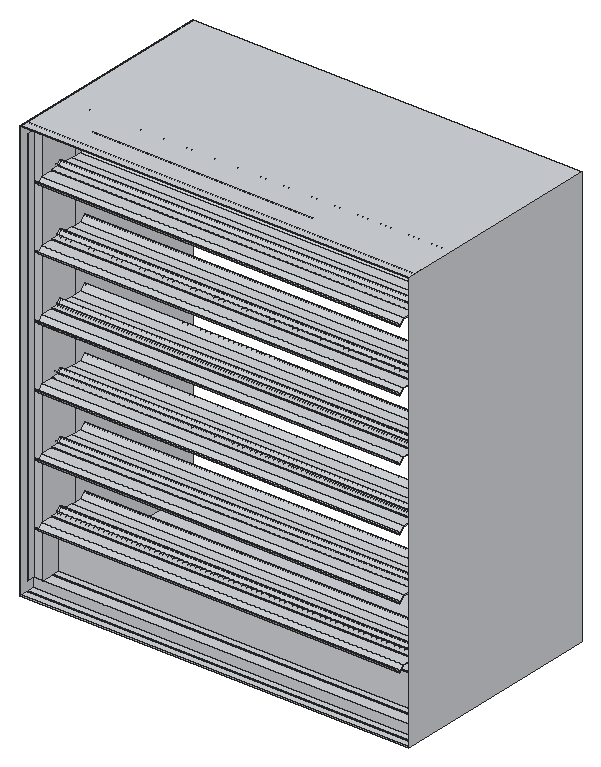
Revit family "FS-3V-OW-I, FS-3V-OW-II", category Mechanical Equipment, Revit 2015
Parameters
  URL = "https://unitedenertech.com/catalog/pdf/P-48%20%20%20FS-3V-OW-I.pdf-color.pdf"
  Type Comments = "Max. Single Section Size is 36\"w x 48\"h, Max. Multi Section Size is 42\"w x 48\"h"
  Model = "F/S-3V-OW-I, F/S-3V-OW-II"
  Manufacturer = "United Enertech Corporation"
  Keynote = "FSLF-120 Actuator Shown In the Air Stream, Consult Factory for Out of the Air Stream Placement in Models. See Website for Correct Actuator for Damper Size."
  Exact Width = 3' - 0"
  Exact Height = 3' - 3"
  Description = "Outside Wall Combination Fire/Smoke Damper"
  Depth = 1' - 8"
  Blade Spacing = 0' - 5 3/4"
  Blade Number [instance] = rounddown((Exact Height - 0' 3") / Blade Spacing)  # 6
  BW [instance] = Exact Width - 0' 2 1/2"  # 2' - 9 1/2"
Reference planes (in)
  plane 1 "Center (Front/Back)": y = 0
  plane 2: z = 0
  plane 3 "Center (Left/Right)": x = 0
  plane 4: z = 39
  plane 5: x = -18
  plane 6: x = 18
  plane 7: z = 0.0359
  plane 8: z = 38.9641
  plane 9: x = -17.9641
  plane 10: x = 17.9641
  plane 11: y = 19.25
  plane 12: y = 5
  plane 13: z = 0.9348
  plane 14: z = 38.0293
  plane 15: x = -17.0293
  plane 16: x = 17.0293
  plane 17: z = 35.27732
  plane 18: y = 4.3098
  plane 19: z = 37.5
  plane 20: z = 26.4428
  plane 21: z = 35.24218
  plane 22: z = 34.78895
  plane 23: z = 35.97045
  plane 24: y = -0.75
Forms (in)
  Extrusion 1, solid
    sketch origin (0, 0, 0) x (1, 0, 0) y (0, 0, 1)
      loop
        line (-17.9641, 38.9641) -> (-17.9641, 0.0359) -> (17.9641, 0.0359) -> (17.9641, 38.9641) -> (-17.9641, 38.9641)
      loop
        line (-18, 39) -> (-18, 0) -> (18, 0) -> (18, 39) -> (-18, 39)
    from -19.25 to 0.75
  Extrusion 2, solid
    sketch origin (23.93472, -8.11588, 0) x (1, 0, 0) y (0, 1, 0)
      loop
        line (-41.83902, 8.11588) -> (-41.83902, 8.17568) -> (-41.83902, 8.80608) -> (-40.96402, 8.80608) -> (-40.96402, 12.42568) -> (-41.83902, 12.42568) -> (-41.83902, 13.05608) -> (-41.83902, 13.11588) -> (-41.89882, 13.11588) -> (-41.89882, 12.36588) -> (-41.02382, 12.36588) -> (-41.02382, 8.86588) -> (-41.89882, 8.86588) -> (-41.89882, 8.11588) -> (-41.83902, 8.11588)
    from 0.9348 to 38.0293
  Extrusion 3, solid
    sketch origin (31.96104, -8.11588, 36.89882) x (0, 0, 1) y (0, 1, 0)
      loop
        line (-36.83902, 8.17568) -> (-36.83902, 8.80608) -> (-35.96402, 8.80608) -> (-35.96402, 12.42568) -> (-36.83902, 12.42568) -> (-36.83902, 13.05608) -> (-36.83902, 13.11588) -> (-36.89882, 13.11588) -> (-36.89882, 12.36588) -> (-36.02382, 12.36588) -> (-36.02382, 8.86588) -> (-36.89882, 8.86588) -> (-36.89882, 8.11588) -> (-36.83902, 8.11588) -> (-36.83902, 8.17568)
    from 13.99694 to 49.92514
  Extrusion 4, solid
    sketch origin (26.89178, -38.52709, 32.33205) x (0, -1, 0) y (0, 0, -1)
      loop
        line (-41.02709, -5.19725) -> (-41.02709, -5.69725) -> (-40.27709, -5.69725) -> (-40.27709, -5.61625) -> (-40.94609, -5.61625) -> (-40.94609, -5.19725) -> (-41.02709, -5.19725)
    from -43.92108 to -9.86248
  Extrusion 5, solid
    sketch origin (62.39247, 5.64851, 0.33329) x (0, 1, 0) y (0, 0, 1)
      loop
        line (-3.14851, 3.60151) -> (-3.22663, 3.60151) -> (-3.22663, 0.67964) -> (-3.89851, 0.67964) -> (-3.89851, 0.60151) -> (-3.14851, 0.60151) -> (-3.14851, 3.60151)
    from -79.42177 to -45.36317
  Extrusion 6, solid
    sketch origin (-23.93472, -8.11588, 0) x (-1, 0, 0) y (0, -1, 0)
      loop
        line (-41.83902, -8.11588) -> (-41.89882, -8.11588) -> (-41.89882, -8.86588) -> (-41.02382, -8.86588) -> (-41.02382, -12.36588) -> (-41.89882, -12.36588) -> (-41.89882, -13.11588) -> (-41.83902, -13.11588) -> (-41.83902, -13.05608) -> (-41.83902, -12.42568) -> (-40.96402, -12.42568) -> (-40.96402, -8.80608) -> (-41.83902, -8.80608) -> (-41.83902, -8.17568) -> (-41.83902, -8.11588)
    from 0.9348 to 38.0293
  Extrusion 7, solid
    sketch origin (31.96104, -8.11588, 11.06528) x (0, 0, -1) y (0, -1, 0)
      loop
        line (-27.83902, -8.17568) -> (-27.83902, -8.11588) -> (-27.89882, -8.11588) -> (-27.89882, -8.86588) -> (-27.02382, -8.86588) -> (-27.02382, -12.36588) -> (-27.89882, -12.36588) -> (-27.89882, -13.11588) -> (-27.83902, -13.11588) -> (-27.83902, -13.05608) -> (-27.83902, -12.42568) -> (-26.96402, -12.42568) -> (-26.96402, -8.80608) -> (-27.83902, -8.80608) -> (-27.83902, -8.17568)
    from 13.99694 to 49.92514
  Extrusion 8, solid
    sketch origin (0, 0, 0) x (0, 1, 0) y (0, 0, 1)
      loop
        line (7.9528, 35.24218) -> (7.6668, 35.24218)
        arc (7.6668, 35.24218) -> (7.8098, 34.71875) -> (7.9528, 35.24218) r 0.28125
    from -17.9641 to 17.9641
Dimensions and locks (in)
  "Exact Height": plane 4 to level
  equal spacing: plane 5, plane 3 "Center (Left/Right)", plane 6
  "Exact Width": plane 5 to plane 6
  locked: plane 7 to level at 0.0359
  locked: plane 4 to plane 8 at 0.0359
  locked: plane 5 to plane 9 at 0.0359
  locked: plane 10 to plane 6 at 0.0359
  locked: plane 1 "Center (Front/Back)" to plane 12 at 5
  locked: plane 13 to level at 0.9348
  locked: plane 8 to plane 14 at 0.9348
  locked: plane 15 to plane 9 at 0.9348
  locked: plane 10 to plane 16 at 0.9348
  locked: plane 4 to plane 17 at 3.72268
  locked: plane 12 to plane 18 at 0.6902
  locked: plane 4 to plane 19 at 1.5
  locked: plane 4 to plane 20 at 12.5572
  locked: plane 4 to plane 21 at 3.75782
  locked: plane 4 to plane 22 at 4.21105
  equal spacing: group 2, group 3, group 4, group 5, group 6, group 7  (x2)
  equal spacing: group 7, group 6, group 5, group 4, group 3, group 2
  "Blade Spacing": nested 4 to nested 5
  locked: plane 4 to plane 23 at 3.02955
  locked: plane 1 "Center (Front/Back)" to plane 24 at 0.75
  "Depth": plane 11 to plane 24
  aligned and locked: level to plane 2
  aligned and locked: Extrusion 1 sketch curve to plane 4
  aligned and locked: level to Extrusion 1 sketch curve
  aligned and locked: Extrusion 1 sketch curve to plane 5
  aligned and locked: Extrusion 1 sketch curve to plane 6
  aligned and locked: Extrusion 1 sketch curve to plane 8
  aligned and locked: plane 7 to Extrusion 1 sketch curve
  aligned and locked: plane 10 to Extrusion 1 sketch curve
  aligned and locked: plane 9 to Extrusion 1 sketch curve
  aligned and locked: plane 11 to Extrusion 1
  aligned and locked: Extrusion 2 to plane 9
  aligned and locked: Extrusion 6 to plane 10
  aligned and locked: Extrusion 3 to plane 9
  aligned and locked: Extrusion 3 to plane 10
  aligned and locked: Extrusion 6 to plane 13
  aligned and locked: Extrusion 2 to plane 13
  aligned and locked: plane 8 to Extrusion 7
  aligned and locked: plane 14 to Extrusion 6
  aligned and locked: plane 14 to Extrusion 2
  aligned and locked: Extrusion 7 to plane 9
  aligned and locked: Extrusion 7 to plane 10
  aligned and locked: Extrusion 5 to plane 15
  aligned and locked: plane 16 to Extrusion 5
  aligned and locked: Extrusion 7 to plane 14
  aligned and locked: plane 14 to Extrusion 4
  aligned and locked: Extrusion 4 to plane 15
  aligned and locked: plane 16 to Extrusion 4
  aligned and locked: nested 2 to plane 10
  aligned and locked: plane 9 to nested 3
  aligned and locked: nested 3 to plane 18
  aligned and locked: plane 18 to nested 2
  aligned and locked: Extrusion 8 to plane 10
  aligned and locked: Extrusion 8 to plane 9
  aligned and locked: nested 3 to plane 19
  aligned and locked: plane 19 to nested 2
  aligned and locked: plane 21 to Extrusion 8
  aligned and locked: nested 4 to plane 22
  aligned and locked: nested 4 to plane 3 "Center (Left/Right)"
  aligned and locked: plane 16 to nested 6
  aligned and locked: plane 23 to nested 6
  aligned and locked: Extrusion 1 to plane 24
Automatic sketch dimensions
  Extrusion 2 sketch curve to plane 9 = 0' - 0"  (x2)
  plane 1 "Center (Front/Back)" to Extrusion 2 sketch curve = 0' - 0"
  plane 12 to Extrusion 2 sketch curve = 0' - 0"
  plane 9 to Extrusion 2 sketch curve = 0' - 0.0598"  (x2)
  Extrusion 2 sketch curve to Extrusion 2 sketch curve = 0' - 0.8152"
  Extrusion 2 sketch curve to Extrusion 2 sketch curve = 0' - 0.0598"  (x4)
  Extrusion 2 sketch curve to plane 1 "Center (Front/Back)" = 0' - 0.0598"
  Extrusion 2 sketch curve to Extrusion 2 sketch curve = 0' - 0.6304"
  Extrusion 2 sketch curve to Extrusion 2 sketch curve = 0' - 0 3/4"
  Extrusion 3 sketch curve to level = 0' - 0"  (x2)
  Extrusion 3 sketch curve to plane 1 "Center (Front/Back)" = 0' - 0"
  Extrusion 3 sketch curve to plane 12 = 0' - 0"
  Extrusion 3 sketch curve to plane 13 = 0' - 0"
  plane 7 to Extrusion 3 sketch curve = 0' - 0.0239"  (x2)
  Extrusion 3 sketch curve to plane 13 = 0' - 0.0598"
  Extrusion 3 sketch curve to plane 1 "Center (Front/Back)" = 0' - 0.0598"
  Extrusion 3 sketch curve to Extrusion 3 sketch curve = 0' - 0.6304"
  Extrusion 3 sketch curve to Extrusion 3 sketch curve = 0' - 0.0598"  (x2)
  plane 12 to Extrusion 3 sketch curve = 0' - 0 3/4"
  plane 12 to Extrusion 3 sketch curve = 0' - 0.0598"
  Extrusion 4 sketch curve to plane 8 = 0' - 1.4348"
  Extrusion 4 sketch curve to Extrusion 4 sketch curve = 0' - 0.081"  (x2)
  Extrusion 4 sketch curve to Extrusion 4 sketch curve = 0' - 0.669"
  Extrusion 4 sketch curve to Extrusion 4 sketch curve = 0' - 0.419"
  Extrusion 5 sketch curve to plane 13 = 0' - 0"
  plane 13 to Extrusion 5 sketch curve = 0' - 0 5/64"
  Extrusion 5 sketch curve to Extrusion 5 sketch curve = 0' - 0 43/64"
  Extrusion 5 sketch curve to Extrusion 5 sketch curve = 0' - 0 5/64"
  Extrusion 5 sketch curve to Extrusion 5 sketch curve = 0' - 2 59/64"
  Extrusion 6 sketch curve to plane 10 = 0' - 0"  (x2)
  plane 1 "Center (Front/Back)" to Extrusion 6 sketch curve = 0' - 0"
  plane 12 to Extrusion 6 sketch curve = 0' - 0"
  Extrusion 6 sketch curve to plane 10 = 0' - 0.0598"  (x2)
  Extrusion 6 sketch curve to Extrusion 6 sketch curve = 0' - 0.8152"
  Extrusion 6 sketch curve to Extrusion 6 sketch curve = 0' - 0.0598"  (x3)
  plane 1 "Center (Front/Back)" to Extrusion 6 sketch curve = 0' - 0.0598"
  Extrusion 6 sketch curve to Extrusion 6 sketch curve = 0' - 0.6304"
  Extrusion 6 sketch curve to plane 12 = 0' - 0 3/4"
  Extrusion 6 sketch curve to plane 12 = 0' - 0.0598"
  Extrusion 7 sketch curve to plane 1 "Center (Front/Back)" = 0' - 0"
  Extrusion 7 sketch curve to plane 12 = 0' - 0"
  plane 12 to Extrusion 7 sketch curve = 0' - 0 3/4"
  Extrusion 7 sketch curve to plane 8 = 0' - 0"
  Extrusion 7 sketch curve to Extrusion 7 sketch curve = 0' - 0"
  Extrusion 7 sketch curve to Extrusion 7 sketch curve = 0' - 0.0598"  (x6)
  Extrusion 7 sketch curve to Extrusion 7 sketch curve = 0' - 0.8152"
  Extrusion 7 sketch curve to plane 1 "Center (Front/Back)" = 0' - 0 3/4"
  Extrusion 7 sketch curve to plane 1 "Center (Front/Back)" = 0' - 0.0598"
  Extrusion 8 sketch curve to plane 17 = 0' - 0.27732"
  Extrusion 8 sketch curve to plane 12 = 0' - 2.8098"
  Extrusion 8 sketch curve to plane 17 = 0' - 0 9/256"
  Extrusion 8 sketch curve to Extrusion 8 sketch curve = 0' - 0.143"
  plane 18 to Extrusion 4 sketch curve = 0' - 1.8098"
  Extrusion 5 sketch curve to plane 1 "Center (Front/Back)" = 0' - 1 3/4"
Nested families (in)
  nested 1: "160BL" at (62.39247, -25.11688, 30.67097), type "160BL", not visible
    with Blade Width 2' - 9 1/2"
  nested 2: "Fire Smoke Actuator Bracket" at (18.23913, 4.3098, 36.56141) x (0, 0, 1) z (0, 1, 0), type "Fire Smoke Actuator Bracket"
  nested 3: "Fire Smoke Actuator Bracket" at (-18.23913, 4.3098, 36.56141) x (0, 0, 1) z (0, 1, 0), type "Fire Smoke Actuator Bracket"
  nested 4: "3VBLADE" at (0, -1.33126, 33.20661), type "3VBLADE"
    with Blade Width 2' - 9 1/2"
  nested 5: "3VBLADE" at (0, -1.33126, 27.45661), type "3VBLADE"
    with Blade Width 2' - 9 1/2"
  nested 6: "FSLF-120" at (14.8204, 12.99816, 27.76305), type "FSLF-120"
  nested 7: "3VBLADE" at (0, -1.33126, 21.70661), type "3VBLADE"
    with Blade Width 2' - 9 1/2"
  nested 8: "3VBLADE" at (0, -1.33126, 15.95661), type "3VBLADE"
    with Blade Width 2' - 9 1/2"
  nested 9: "3VBLADE" at (0, -1.33126, 10.20661), type "3VBLADE"
    with Blade Width 2' - 9 1/2"
  nested 10: "3VBLADE" at (0, -1.33126, 4.45661), type "3VBLADE"
    with Blade Width 2' - 9 1/2"
Definition of nested family "160BL"
  Parameters (values of type "160BL")
    Blade Width = 2' - 0"
  Reference planes (in)
    plane 1 "Center (Front/Back)": y = 0
    plane 2: z = 0
    plane 3 "Center (Left/Right)": x = 0
    plane 4: x = -12
    plane 5: x = 12
    plane 6: x = 13
    plane 7: x = 10
    plane 8: x = -10
    plane 9: x = -13
  Forms (in)
    Extrusion 1, solid
      sketch origin (-29.66395, -41.88595, -4.51752) x (0, -1, 0) y (0, 0, -1)
        loop
          line (-42.3214, -5.69562) -> (-42.3214, -6.04405) -> (-41.94647, -6.04405) -> (-41.94647, -5.69562) -> (-42.3214, -5.69562)
      from 39.66395 to 42.66395
    Extrusion 2, solid
      sketch origin (-29.66395, -42.01854, -6.8342) x (0, -1, 0) y (0, 0, -1)
        loop
          line (-43.46599, -7.97904) -> (-43.51899, -7.97904) -> (-43.51899, -8.39235) -> (-42.90411, -8.41377) -> (-42.50696, -8.41377) -> (-42.50696, -8.36074) -> (-42.90411, -8.36074) -> (-43.46599, -8.34116) -> (-43.46599, -7.97904)
      from 17.66395 to 41.66395
    Extrusion 3, solid
      sketch origin (-29.66395, -42.01854, -6.8342) x (0, -1, 0) y (0, 0, -1)
        loop
          line (-43.41296, -8.32667) -> (-43.41296, -8.03022) -> (-42.89933, -8.01224) -> (-42.50696, -8.01224) -> (-42.50696, -8.41377) -> (-42.02598, -8.41377) -> (-42.02598, -8.0123) -> (-41.62883, -8.0123) -> (-41.11996, -8.03003) -> (-41.11996, -8.32648) -> (-41.06699, -8.32648) -> (-41.06699, -7.97904) -> (-41.63442, -7.95927) -> (-42.07906, -7.95927) -> (-42.07906, -8.36074) -> (-42.45398, -8.36074) -> (-42.45398, -7.95927) -> (-42.90119, -7.95927) -> (-43.46596, -7.97904) -> (-43.46596, -8.32667) -> (-43.41296, -8.32667)
      from 17.66395 to 41.66395
    Extrusion 4, solid
      sketch origin (-29.66395, -42.01854, -6.8342) x (0, -1, 0) y (0, 0, -1)
        loop
          line (-42.45398, -7.95927) -> (-42.45398, -8.01224) -> (-42.07906, -8.01224) -> (-42.07906, -7.95927) -> (-42.45398, -7.95927)
      from 17.66395 to 41.66395
    Extrusion 5, solid
      sketch origin (-29.66395, -42.01854, -6.8342) x (0, -1, 0) y (0, 0, -1)
        loop
          line (-41.06705, -7.97904) -> (-41.06705, -8.34116) -> (-41.62893, -8.36074) -> (-42.02598, -8.36074) -> (-42.02598, -8.41377) -> (-41.62893, -8.41377) -> (-41.01405, -8.39235) -> (-41.01405, -7.97904) -> (-41.06705, -7.97904)
      from 17.66395 to 41.66395
    Extrusion 6, solid
      sketch origin (-29.66395, -42.01854, -6.8342) x (0, -1, 0) y (0, 0, -1)
        loop
          line (-45.11444, -8.04212) -> (-45.14143, -8.06102) -> (-45.14143, -8.15472) -> (-43.65311, -8.44766) -> (-43.61881, -8.3631) -> (-43.58593, -8.44056) -> (-40.94517, -8.44056) -> (-40.91325, -8.36156) -> (-40.87962, -8.44109) -> (-40.06454, -8.37558) -> (-40.01199, -8.16476) -> (-39.44168, -8.27557) -> (-39.41851, -8.2524) -> (-40.03184, -8.13323) -> (-40.08641, -8.35172) -> (-40.86, -8.41376) -> (-40.88095, -8.33556) -> (-40.94478, -8.33556) -> (-40.96652, -8.41377) -> (-43.56615, -8.41377) -> (-43.58705, -8.33578) -> (-43.65168, -8.33578) -> (-43.67323, -8.41619) -> (-45.11444, -8.13252) -> (-45.11444, -8.04212)
      from 17.66395 to 41.66395
    Extrusion 7, solid
      sketch origin (-29.66395, 42.51351, 9.53877) x (0, 1, 0) y (0, 0, 1)
        loop
          line (-45.11444, -8.04212) -> (-45.14143, -8.06102) -> (-45.14143, -8.15472) -> (-43.65311, -8.44766) -> (-43.61881, -8.3631) -> (-43.58593, -8.44056) -> (-40.94517, -8.44056) -> (-40.91325, -8.36156) -> (-40.87962, -8.44109) -> (-40.06454, -8.37558) -> (-40.01199, -8.16476) -> (-39.44168, -8.27557) -> (-39.41851, -8.2524) -> (-40.03184, -8.13323) -> (-40.08641, -8.35172) -> (-40.86, -8.41376) -> (-40.88095, -8.33556) -> (-40.94478, -8.33556) -> (-40.96652, -8.41377) -> (-43.56615, -8.41377) -> (-43.58705, -8.33578) -> (-43.65168, -8.33578) -> (-43.67323, -8.41619) -> (-45.11444, -8.13252) -> (-45.11444, -8.04212)
      from 17.66395 to 41.66395
    Extrusion 8, solid
      sketch origin (-63.16395, -41.88595, -4.51752) x (0, -1, 0) y (0, 0, -1)
        loop
          line (-42.3214, -5.69562) -> (-42.3214, -6.04405) -> (-41.94647, -6.04405) -> (-41.94647, -5.69562) -> (-42.3214, -5.69562)
      from 50.16395 to 53.16395
  Dimensions and locks (in)
    equal spacing: plane 4, plane 3 "Center (Left/Right)", plane 5
    "Blade Width": plane 4 to plane 5
    locked: plane 7 to plane 5 at 2
    locked: plane 5 to plane 6 at 1
    locked: plane 4 to plane 8 at 2
    locked: plane 9 to plane 4 at 1
    aligned and locked: level to plane 2
    aligned and locked: plane 5 to Extrusion 6
    aligned and locked: plane 5 to Extrusion 7
    aligned and locked: plane 5 to Extrusion 5
    aligned and locked: plane 5 to Extrusion 3
    aligned and locked: plane 5 to Extrusion 2
    aligned and locked: Extrusion 1 to plane 6
    aligned and locked: plane 5 to Extrusion 4
    aligned and locked: plane 7 to Extrusion 1
    aligned and locked: Extrusion 8 to plane 9
    aligned and locked: Extrusion 8 to plane 8
    aligned and locked: plane 4 to Extrusion 6
    aligned and locked: plane 4 to Extrusion 7
    aligned and locked: plane 4 to Extrusion 2
    aligned and locked: plane 4 to Extrusion 3
    aligned and locked: plane 4 to Extrusion 5
    aligned and locked: plane 4 to Extrusion 4
  Automatic sketch dimensions
    Extrusion 1 sketch curve to plane 1 "Center (Front/Back)" = 0' - 0.43545"
    Extrusion 1 sketch curve to plane 1 "Center (Front/Back)" = 0' - 0.06052"
    level to Extrusion 1 sketch curve = 0' - 1.52654"
    Extrusion 1 sketch curve to Extrusion 1 sketch curve = 0' - 0.34843"
    Extrusion 2 sketch curve to plane 1 "Center (Front/Back)" = 0' - 1.50045"
    Extrusion 2 sketch curve to Extrusion 2 sketch curve = 0' - 0.053"
    Extrusion 2 sketch curve to Extrusion 2 sketch curve = 0' - 0.56188"
    Extrusion 2 sketch curve to Extrusion 2 sketch curve = 0' - 0"
    Extrusion 2 sketch curve to Extrusion 2 sketch curve = 0' - 0.39715"
    level to Extrusion 2 sketch curve = 0' - 1.57957"
    Extrusion 2 sketch curve to Extrusion 2 sketch curve = 0' - 0.02142"
    Extrusion 2 sketch curve to Extrusion 2 sketch curve = 0' - 0.05303"
    Extrusion 2 sketch curve to Extrusion 2 sketch curve = 0' - 0.05119"
    Extrusion 2 sketch curve to Extrusion 2 sketch curve = 0' - 0.36212"
    Extrusion 3 sketch curve to plane 1 "Center (Front/Back)" = 0' - 1.44742"
    Extrusion 3 sketch curve to Extrusion 3 sketch curve = 0' - 0.053"
    Extrusion 3 sketch curve to Extrusion 3 sketch curve = 0' - 0.51177"
    Extrusion 3 sketch curve to Extrusion 3 sketch curve = 0' - 0.00185"
    Extrusion 3 sketch curve to plane 1 "Center (Front/Back)" = 0' - 0.48842"
    Extrusion 3 sketch curve to Extrusion 3 sketch curve = 0' - 0.05297"  (x3)
    Extrusion 3 sketch curve to plane 1 "Center (Front/Back)" = 0' - 0.06052"
    Extrusion 3 sketch curve to plane 1 "Center (Front/Back)" = 0' - 0.00745"
    plane 1 "Center (Front/Back)" to Extrusion 3 sketch curve = 0' - 0.38411"
    Extrusion 3 sketch curve to Extrusion 3 sketch curve = 0' - 0.00559"
    Extrusion 3 sketch curve to Extrusion 3 sketch curve = 0' - 0.50887"
    level to Extrusion 3 sketch curve = 0' - 1.57957"
    Extrusion 3 sketch curve to Extrusion 3 sketch curve = 0' - 0.05303"  (x2)
    Extrusion 3 sketch curve to Extrusion 3 sketch curve = 0' - 0.0871"
    Extrusion 3 sketch curve to Extrusion 3 sketch curve = 0' - 0.08729"
    Extrusion 3 sketch curve to Extrusion 3 sketch curve = 0' - 0.29645"  (x2)
    Extrusion 3 sketch curve to Extrusion 3 sketch curve = 0' - 0.34843"
    Extrusion 3 sketch curve to Extrusion 3 sketch curve = 0' - 0.01798"
    Extrusion 3 sketch curve to Extrusion 3 sketch curve = 0' - 0.05099"
    Extrusion 3 sketch curve to Extrusion 3 sketch curve = 0' - 0.05118"
    Extrusion 4 sketch curve to plane 1 "Center (Front/Back)" = 0' - 0.43545"
    Extrusion 4 sketch curve to plane 1 "Center (Front/Back)" = 0' - 0.06052"
    level to Extrusion 4 sketch curve = 0' - 1.17804"
    Extrusion 4 sketch curve to Extrusion 4 sketch curve = 0' - 0.05297"
    Extrusion 5 sketch curve to plane 1 "Center (Front/Back)" = 0' - 0.00745"
    plane 1 "Center (Front/Back)" to Extrusion 5 sketch curve = 0' - 0.3896"
    Extrusion 5 sketch curve to Extrusion 5 sketch curve = 0' - 0"
    Extrusion 5 sketch curve to Extrusion 5 sketch curve = 0' - 0.56188"
    Extrusion 5 sketch curve to Extrusion 5 sketch curve = 0' - 0.053"
    level to Extrusion 5 sketch curve = 0' - 1.57957"
    Extrusion 5 sketch curve to Extrusion 5 sketch curve = 0' - 0.02142"
    Extrusion 5 sketch curve to Extrusion 5 sketch curve = 0' - 0.05303"
    Extrusion 5 sketch curve to Extrusion 5 sketch curve = 0' - 0.05119"
    Extrusion 5 sketch curve to Extrusion 5 sketch curve = 0' - 0.36212"
    level to Extrusion 6 sketch curve = 0' - 1.32052"
    Extrusion 6 sketch curve to plane 1 "Center (Front/Back)" = 0' - 3.12289"
    level to Extrusion 6 sketch curve = 0' - 1.20792"
    Extrusion 6 sketch curve to Extrusion 6 sketch curve = 0' - 0.02699"
    Extrusion 6 sketch curve to Extrusion 6 sketch curve = 0' - 1.44121"
    Extrusion 6 sketch curve to Extrusion 6 sketch curve = 0' - 0.02012"
    Extrusion 6 sketch curve to Extrusion 6 sketch curve = 0' - 0.02155"
    Extrusion 6 sketch curve to Extrusion 6 sketch curve = 0' - 0.03287"
    Extrusion 6 sketch curve to Extrusion 6 sketch curve = 0' - 0.03176"
    Extrusion 6 sketch curve to Extrusion 6 sketch curve = 0' - 0.06717"
    Extrusion 6 sketch curve to Extrusion 6 sketch curve = 0' - 0.01978"
    plane 1 "Center (Front/Back)" to Extrusion 6 sketch curve = 0' - 1.05202"
    Extrusion 6 sketch curve to Extrusion 6 sketch curve = 0' - 0.02136"
    Extrusion 6 sketch curve to Extrusion 6 sketch curve = 0' - 0.02174"
    Extrusion 6 sketch curve to Extrusion 6 sketch curve = 0' - 0.03153"  (x2)
    Extrusion 6 sketch curve to Extrusion 6 sketch curve = 0' - 0.0323"
    Extrusion 6 sketch curve to Extrusion 6 sketch curve = 0' - 0.06554"
    Extrusion 6 sketch curve to Extrusion 6 sketch curve = 0' - 0.01963"
    Extrusion 6 sketch curve to Extrusion 6 sketch curve = 0' - 0.77359"
    Extrusion 6 sketch curve to Extrusion 6 sketch curve = 0' - 0.02187"
    Extrusion 6 sketch curve to Extrusion 6 sketch curve = 0' - 0.05457"
    Extrusion 6 sketch curve to Extrusion 6 sketch curve = 0' - 0.01985"
    Extrusion 6 sketch curve to Extrusion 6 sketch curve = 0' - 0 73/128"
    Extrusion 6 sketch curve to Extrusion 6 sketch curve = 0' - 0.02317"  (x2)
    level to Extrusion 6 sketch curve = 0' - 1.33056"
    Extrusion 6 sketch curve to Extrusion 6 sketch curve = 0' - 0.08764"
    Extrusion 6 sketch curve to Extrusion 6 sketch curve = 0' - 0.1708"
    level to Extrusion 6 sketch curve = 0' - 1.50158"
    Extrusion 6 sketch curve to Extrusion 6 sketch curve = 0' - 0.18696"
    Extrusion 6 sketch curve to Extrusion 6 sketch curve = 0' - 0.02601"
    Extrusion 6 sketch curve to Extrusion 6 sketch curve = 0' - 0 7/256"  (x2)
    Extrusion 6 sketch curve to Extrusion 6 sketch curve = 0' - 0.02386"
    Extrusion 6 sketch curve to Extrusion 6 sketch curve = 0' - 0.05219"
    Extrusion 6 sketch curve to Extrusion 6 sketch curve = 0' - 0.05067"
    Extrusion 6 sketch curve to Extrusion 6 sketch curve = 0' - 0.05309"
    Extrusion 6 sketch curve to Extrusion 6 sketch curve = 0' - 0.02679"
    Extrusion 6 sketch curve to Extrusion 6 sketch curve = 0' - 0.03147"
    Extrusion 6 sketch curve to Extrusion 6 sketch curve = 0' - 0.0222"
    Extrusion 6 sketch curve to Extrusion 6 sketch curve = 0' - 0.0189"
    plane 1 "Center (Front/Back)" to Extrusion 7 sketch curve = 0' - 2.62792"
    Extrusion 7 sketch curve to Extrusion 7 sketch curve = 0' - 0.02699"
    plane 1 "Center (Front/Back)" to Extrusion 7 sketch curve = 0' - 1.15972"
    Extrusion 7 sketch curve to Extrusion 7 sketch curve = 0' - 0.02012"
    Extrusion 7 sketch curve to Extrusion 7 sketch curve = 0' - 0.02155"
    Extrusion 7 sketch curve to Extrusion 7 sketch curve = 0' - 0.03287"
    Extrusion 7 sketch curve to Extrusion 7 sketch curve = 0' - 0.03176"
    Extrusion 7 sketch curve to Extrusion 7 sketch curve = 0' - 0.06717"
    Extrusion 7 sketch curve to Extrusion 7 sketch curve = 0' - 0.01978"
    Extrusion 7 sketch curve to plane 1 "Center (Front/Back)" = 0' - 1.54699"
    Extrusion 7 sketch curve to Extrusion 7 sketch curve = 0' - 0.02136"
    Extrusion 7 sketch curve to Extrusion 7 sketch curve = 0' - 0.02174"
    Extrusion 7 sketch curve to Extrusion 7 sketch curve = 0' - 0.03153"  (x2)
    Extrusion 7 sketch curve to Extrusion 7 sketch curve = 0' - 0.0323"
    Extrusion 7 sketch curve to Extrusion 7 sketch curve = 0' - 0.06554"
    Extrusion 7 sketch curve to Extrusion 7 sketch curve = 0' - 0.01963"
    level to Extrusion 7 sketch curve = 0' - 1.18705"
    Extrusion 7 sketch curve to Extrusion 7 sketch curve = 0' - 0.77359"
    level to Extrusion 7 sketch curve = 0' - 1.16319"
    Extrusion 7 sketch curve to Extrusion 7 sketch curve = 0' - 0.02187"
    Extrusion 7 sketch curve to Extrusion 7 sketch curve = 0' - 0.05457"
    Extrusion 7 sketch curve to Extrusion 7 sketch curve = 0' - 0.01985"
    level to Extrusion 7 sketch curve = 0' - 1.2632"
    Extrusion 7 sketch curve to Extrusion 7 sketch curve = 0' - 0 73/128"
    level to Extrusion 7 sketch curve = 0' - 1.28637"
    Extrusion 7 sketch curve to Extrusion 7 sketch curve = 0' - 0.02317"
    Extrusion 7 sketch curve to Extrusion 7 sketch curve = 0' - 0.06204"
    level to Extrusion 7 sketch curve = 0' - 1 1/8"
    Extrusion 7 sketch curve to Extrusion 7 sketch curve = 0' - 0.00242"
    Extrusion 7 sketch curve to Extrusion 7 sketch curve = 0' - 0.02679"
    Extrusion 7 sketch curve to Extrusion 7 sketch curve = 0' - 0 7/256"  (x2)
    Extrusion 7 sketch curve to Extrusion 7 sketch curve = 0' - 0.03147"
    Extrusion 7 sketch curve to Extrusion 7 sketch curve = 0' - 0.05067"
    Extrusion 7 sketch curve to Extrusion 7 sketch curve = 0' - 0.05219"
    Extrusion 7 sketch curve to Extrusion 7 sketch curve = 0' - 0.02601"
    Extrusion 7 sketch curve to Extrusion 7 sketch curve = 0' - 0.18696"
    level to Extrusion 7 sketch curve = 0' - 1.38405"
    Extrusion 7 sketch curve to Extrusion 7 sketch curve = 0' - 0.0222"
    Extrusion 7 sketch curve to Extrusion 7 sketch curve = 0' - 0.07151"
    Extrusion 7 sketch curve to Extrusion 7 sketch curve = 0' - 0.0189"
    Extrusion 8 sketch curve to plane 1 "Center (Front/Back)" = 0' - 0.43545"
    Extrusion 8 sketch curve to plane 1 "Center (Front/Back)" = 0' - 0.06052"
    level to Extrusion 8 sketch curve = 0' - 1.52654"
    Extrusion 8 sketch curve to Extrusion 8 sketch curve = 0' - 0.34843"
Definition of nested family "Fire Smoke Actuator Bracket"
  Reference planes (in)
    plane 1 "Center (Front/Back)": y = 0
    plane 2: z = 0
    plane 3 "Center (Left/Right)": x = 0
  Forms (in)
    Extrusion 1, solid
      sketch origin (54.09185, -14.49387, 0) x (1, 0, 0) y (0, 1, 0)
        loop
          line (-53.15326, 14.21883) -> (-53.90326, 14.21883) -> (-53.90326, 14.00399) -> (-57.40326, 14.00399) -> (-57.40326, 14.21883) -> (-58.15326, 14.21883) -> (-58.15326, 14.18293) -> (-57.43842, 14.18293) -> (-57.43842, 13.96883) -> (-53.8681, 13.96883) -> (-53.8681, 14.18293) -> (-53.15326, 14.18293) -> (-53.15326, 14.21883)
      from 0 to 5
    Extrusion 2, void
      sketch origin (0, 0, 0) x (1, 0, 0) y (0, 0, 1)
        loop
          circle (-1.56141, 3.5) r 0.28125
      from 0 to 1.04299
  Cuts and joins
    Extrusion 2 cuts Extrusion 1
  Dimensions and locks (in)
    aligned and locked: level to plane 2
Definition of nested family "3VBLADE"
  Parameters (values of type "3VBLADE")
    Blade Width = 2' - 0"
  Reference planes (in)
    plane 1 "Center (Front/Back)": y = 0
    plane 2: z = 0
    plane 3 "Center (Left/Right)": x = 0
    plane 4: x = -12
    plane 5: x = 12
    plane 6: x = -12.5
    plane 7: x = 12.5
  Forms (in)
    Extrusion 1, solid
      sketch origin (0, 0, 0) x (0, 1, 0) y (0, 0, 1)
        loop
          line (-0.70195, 1.51199) -> (-0.74444, 1.55448) -> (-1.14666, 1.15225) -> (-1.57675, 1.58234) -> (-3.40117, 1.58234) -> (-3.83126, 1.15225) -> (-4.26135, 1.58234) -> (-6.06088, 1.58234) -> (-6.51586, 2.03732) -> (-6.96057, 1.59261) -> (-6.91809, 1.55012) -> (-6.51586, 1.95235) -> (-6.08577, 1.52226) -> (-4.28624, 1.52226) -> (-3.83126, 1.06728) -> (-3.37629, 1.52226) -> (-1.60164, 1.52226) -> (-1.14666, 1.06728) -> (-0.70195, 1.51199)
      from -12 to 12
    Extrusion 2, solid
      sketch origin (0, 0, 0) x (0, 1, 0) y (0, 0, 1)
        loop
          line (-3.56573, 1.61238) -> (-3.83126, 1.87791) -> (-4.09679, 1.61238) -> (-3.83126, 1.34685) -> (-3.56573, 1.61238)
      from -12.5 to 12.5
    Extrusion 3, solid
      sketch origin (0, 0, 0) x (0, 1, 0) y (0, 0, 1)
        loop
          line (-2.71072, 1.58234) -> (-2.71072, 1.64242) -> (-3.53569, 1.64242) -> (-3.83126, 1.34685) -> (-4.12683, 1.64242) -> (-4.95181, 1.64242) -> (-4.95181, 1.58234) -> (-4.15172, 1.58234) -> (-3.83126, 1.26188) -> (-3.5108, 1.58234) -> (-2.71072, 1.58234)
      from -12 to 12
    Extrusion 4, solid
      sketch origin (0, 0, 0) x (0, 1, 0) y (0, 0, 1)
        loop
          line (-3.56573, 1.61238) -> (-3.51056, 1.64218) -> (-3.83126, 1.96288) -> (-4.15196, 1.64218) -> (-4.09679, 1.61238) -> (-3.83126, 1.87791) -> (-3.56573, 1.61238)
      from -12 to 12
  Dimensions and locks (in)
    equal spacing: plane 4, plane 3 "Center (Left/Right)", plane 5
    "Blade Width": plane 4 to plane 5
    locked: plane 5 to plane 7 at 0.5
    locked: plane 6 to plane 4 at 0.5
    aligned and locked: level to plane 2
    aligned and locked: plane 4 to Extrusion 1
    aligned and locked: plane 5 to Extrusion 1
    aligned and locked: plane 5 to Extrusion 3
    aligned and locked: plane 4 to Extrusion 3
    aligned and locked: plane 5 to Extrusion 4
    aligned and locked: Extrusion 2 to plane 7
    aligned and locked: plane 4 to Extrusion 4
    aligned and locked: plane 6 to Extrusion 2
  Automatic sketch dimensions
    plane 1 "Center (Front/Back)" to Extrusion 1 sketch curve = 0' - 0.70195"
    level to Extrusion 1 sketch curve = 0' - 1.51199"
    Extrusion 1 sketch curve to Extrusion 1 sketch curve = 0' - 0.04248"
    Extrusion 1 sketch curve to Extrusion 1 sketch curve = 0' - 0.44471"  (x2)
    Extrusion 1 sketch curve to Extrusion 1 sketch curve = 0' - 0"  (x2)
    level to Extrusion 1 sketch curve = 0' - 1.52226"  (x2)
    Extrusion 1 sketch curve to Extrusion 1 sketch curve = 0' - 0.02489"  (x2)
    Extrusion 1 sketch curve to Extrusion 1 sketch curve = 0' - 1.77464"
    level to Extrusion 1 sketch curve = 0' - 1.15225"
    Extrusion 1 sketch curve to Extrusion 1 sketch curve = 0' - 0.45498"
    level to Extrusion 1 sketch curve = 0' - 1.06728"
    Extrusion 1 sketch curve to Extrusion 1 sketch curve = 0' - 1.79953"
    level to Extrusion 1 sketch curve = 0' - 1.95235"
    Extrusion 1 sketch curve to Extrusion 1 sketch curve = 0' - 0.43009"
    level to Extrusion 1 sketch curve = 0' - 1.55012"
    level to Extrusion 1 sketch curve = 0' - 1.59261"
    level to Extrusion 1 sketch curve = 0' - 2.03732"
    level to Extrusion 1 sketch curve = 0' - 1.58234"
    plane 1 "Center (Front/Back)" to Extrusion 2 sketch curve = 0' - 4.09679"
    Extrusion 2 sketch curve to Extrusion 2 sketch curve = 0' - 0.26553"  (x3)
    level to Extrusion 2 sketch curve = 0' - 1.34685"
    plane 1 "Center (Front/Back)" to Extrusion 3 sketch curve = 0' - 2.71072"
    level to Extrusion 3 sketch curve = 0' - 1.64242"  (x2)
    Extrusion 3 sketch curve to Extrusion 3 sketch curve = 0' - 0.82497"  (x2)
    Extrusion 3 sketch curve to Extrusion 3 sketch curve = 0' - 0.06008"
    Extrusion 3 sketch curve to Extrusion 3 sketch curve = 0' - 0.02489"  (x2)
    level to Extrusion 3 sketch curve = 0' - 1.26188"
    Extrusion 3 sketch curve to Extrusion 3 sketch curve = 0' - 0.32046"
    level to Extrusion 3 sketch curve = 0' - 1.34685"
    Extrusion 3 sketch curve to Extrusion 3 sketch curve = 0' - 0"
    plane 1 "Center (Front/Back)" to Extrusion 4 sketch curve = 0' - 3.83126"
    level to Extrusion 4 sketch curve = 0' - 1.87791"
    Extrusion 4 sketch curve to Extrusion 4 sketch curve = 0' - 0"
    level to Extrusion 4 sketch curve = 0' - 1.61238"  (x2)
    Extrusion 4 sketch curve to Extrusion 4 sketch curve = 0' - 0.26553"
    Extrusion 4 sketch curve to Extrusion 4 sketch curve = 0' - 0.05517"  (x2)
    Extrusion 4 sketch curve to Extrusion 4 sketch curve = 0' - 0.08497"
    level to Extrusion 4 sketch curve = 0' - 1.64218"
Definition of nested family "FSLF-120"
  Reference planes (in)
    plane 1 "Center (Front/Back)": y = 0
    plane 2: z = 0
    plane 3 "Center (Left/Right)": x = 0
  Forms (in)
    Extrusion 1, solid
      sketch origin (0, 0, 0) x (0, 1, 0) y (0, 0, 1)
        loop
          arc (-3.58331, 2.09938) -> (-3.44059, 2.1585) -> (-3.38147, 2.30122) r 0.20184
          line (-3.38147, 2.30122) -> (-3.38147, 7.89928)
          arc (-3.38147, 7.89928) -> (-3.44059, 8.042) -> (-3.58331, 8.10111) r 0.20184
          line (-3.58331, 8.10111) -> (-6.82752, 8.10111)
          arc (-6.82752, 8.10111) -> (-6.97024, 8.042) -> (-7.02936, 7.89928) r 0.20184
          line (-7.02936, 7.89928) -> (-7.02936, 2.30122)
          arc (-7.02936, 2.30122) -> (-6.97024, 2.1585) -> (-6.82752, 2.09938) r 0.20184
          line (-6.82752, 2.09938) -> (-3.58331, 2.09938)
        loop
          circle (-4.59401, 4.1698) r 0.10344
        loop
          circle (-5.18836, 7.24712) r 0.27109
      from 0 to 2.0647
    Extrusion 2, solid
      sketch origin (0, 0, 0) x (0, 1, 0) y (0, 0, 1)
        loop
          line (-5.07889, 1.84303) -> (-5.07889, 1.35428)
          arc (-5.07889, 1.35428) -> (-4.1161, 1.55637) -> (-3.27519, 2.06694) r 2.91799
          line (-3.27519, 2.06694) -> (-3.27519, 7.89928)
          arc (-3.27519, 7.89928) -> (-3.36543, 8.11715) -> (-3.58331, 8.2074) r 0.30812
          line (-3.58331, 8.2074) -> (-6.82752, 8.2074)
          arc (-6.82752, 8.2074) -> (-7.0454, 8.11715) -> (-7.13564, 7.89928) r 0.30812
          line (-7.13564, 7.89928) -> (-7.13564, 2.09702)
          arc (-7.13564, 2.09702) -> (-6.28174, 1.56481) -> (-5.29782, 1.35428) r 2.91799
          line (-5.29782, 1.35428) -> (-5.29782, 1.84303)
          arc (-5.29782, 1.84303) -> (-5.18836, 1.95249) -> (-5.07889, 1.84303) r 0.10947
        loop
          circle (-4.59401, 4.1698) r 0.28363
        loop
          circle (-5.18836, 7.24712) r 0.27109
      from 0 to -0.1442
    Extrusion 3, solid
      sketch origin (0, 0, 0) x (0, 1, 0) y (0, 0, 1)
        loop
          line (-5.07889, 1.84303) -> (-5.07889, 1.35428)
          arc (-5.07889, 1.35428) -> (-4.1161, 1.55637) -> (-3.27519, 2.06694) r 2.91799
          line (-3.27519, 2.06694) -> (-3.27519, 7.89928)
          arc (-3.27519, 7.89928) -> (-3.36543, 8.11715) -> (-3.58331, 8.2074) r 0.30812
          line (-3.58331, 8.2074) -> (-6.82752, 8.2074)
          arc (-6.82752, 8.2074) -> (-7.0454, 8.11715) -> (-7.13564, 7.89928) r 0.30812
          line (-7.13564, 7.89928) -> (-7.13564, 2.09702)
          arc (-7.13564, 2.09702) -> (-6.28174, 1.56481) -> (-5.29782, 1.35428) r 2.91799
          line (-5.29782, 1.35428) -> (-5.29782, 1.84303)
          arc (-5.29782, 1.84303) -> (-5.18836, 1.95249) -> (-5.07889, 1.84303) r 0.10947
        loop
          circle (-4.59401, 4.1698) r 0.28363
        loop
          circle (-5.18836, 7.24712) r 0.27109
      from 2.2089 to 2.0647
    Revolve 4, solid
      sketch origin (0.70002, 0, 0) x (0, 1, 0) y (0, 0, 1)
        loop
          line (-4.0031, 0.95098) -> (-3.92703, 0.95098) -> (-3.92703, 1.1774) -> (-3.48966, 1.1774) -> (-3.48966, 2.15927) -> (-4.0031, 2.15927) -> (-4.0031, 0.95098)
        axis (-4.0031, 0.95098) -> (-4.0031, 2.15927)
      angle from 0 to 360
    Revolve 5, solid
      sketch origin (0.70002, -10.37672, 0) x (0, -1, 0) y (0, 0, -1)
        loop
          line (-4.0031, -0.95098) -> (-4.0031, -2.15927) -> (-3.48966, -2.15927) -> (-3.48966, -1.1774) -> (-3.92703, -1.1774) -> (-3.92703, -0.95098) -> (-4.0031, -0.95098)
        axis (-4.0031, -0.95098) -> (-4.0031, -2.15927)
      angle from 0 to 360
    Extrusion 6, solid
      sketch origin (0, 0, 0) x (0, 1, 0) y (0, 0, 1)
        loop
          circle (-5.18836, 7.24712) r 0.54048
        loop
          circle (-5.18836, 7.24712) r 0.27109
      from 2.4389 to -0.3742
    Extrusion 7, solid
      sketch origin (0, 0, 0) x (0, 1, 0) y (0, 0, 1)
        loop
          line (-3.91306, 6.71864) -> (-3.7518, 6.90501) -> (-4.82025, 7.82944)
          arc (-4.82025, 7.82944) -> (-4.90724, 7.87836) -> (-5.00644, 7.88936) r 0.25
          line (-5.00644, 7.88936) -> (-5.62705, 7.83298)
          arc (-5.62705, 7.83298) -> (-5.79594, 7.74469) -> (-5.85355, 7.56303) r 0.25
          line (-5.85355, 7.56303) -> (-5.80333, 6.9664)
          arc (-5.80333, 6.9664) -> (-5.77611, 6.8722) -> (-5.71475, 6.79572) r 0.25
          line (-5.71475, 6.79572) -> (-4.62328, 5.88139) -> (-4.46502, 6.07031) -> (-5.47779, 6.9187)
          arc (-5.47779, 6.9187) -> (-5.53914, 6.99518) -> (-5.56637, 7.08938) r 0.25
          line (-5.56637, 7.08938) -> (-5.58744, 7.33975)
          arc (-5.58744, 7.33975) -> (-5.52983, 7.52141) -> (-5.36094, 7.60969) r 0.25
          line (-5.36094, 7.60969) -> (-5.08847, 7.63444)
          arc (-5.08847, 7.63444) -> (-4.98927, 7.62345) -> (-4.90228, 7.57453) r 0.25
          line (-4.90228, 7.57453) -> (-3.91306, 6.71864)
      from -0.45408 to -0.64826
    Extrusion 8, solid
      sketch origin (0, 0, 0) x (0, 1, 0) y (0, 0, 1)
        loop
          line (-4.84561, 5.92964) -> (-3.84342, 7.12404) -> (-3.96137, 7.30719) -> (-4.09731, 7.46769)
          arc (-4.09731, 7.46769) -> (-4.29911, 7.57665) -> (-4.45285, 7.74683) r 0.67563
          arc (-4.45285, 7.74683) -> (-4.52455, 7.65639) -> (-4.6158, 7.58572) r 0.47899
          line (-4.6158, 7.58572) -> (-4.72882, 7.47247)
          arc (-4.72882, 7.47247) -> (-4.85345, 6.98422) -> (-5.32567, 6.80835) r 0.54335
          line (-5.32567, 6.80835) -> (-5.42625, 6.68392)
          arc (-5.42625, 6.68392) -> (-5.48681, 6.58567) -> (-5.56911, 6.50475) r 0.47899
          arc (-5.56911, 6.50475) -> (-5.38353, 6.37) -> (-5.25372, 6.18093) r 0.67563
          line (-5.25372, 6.18093) -> (-5.03529, 5.99894) -> (-4.84561, 5.92964)
      from -0.78829 to -0.7065
    Extrusion 9, solid
      sketch origin (0, 0, 0) x (0, 1, 0) y (0, 0, 1)
        loop
          line (-4.84561, 5.92964) -> (-3.84342, 7.12404) -> (-3.87926, 7.17969) -> (-4.90878, 5.95271) -> (-4.84561, 5.92964)
      from -0.7065 to -0.1442
  Lines and regions (in)
    model lines
      curve 1: arc (0, -4.09731, 7.46769) -> (0, -4.29911, 7.57665) -> (0, -4.45285, 7.74683) r 0.67563
      curve 2: arc (0, -4.45285, 7.74683) -> (0, -4.52455, 7.65639) -> (0, -4.6158, 7.58572) r 0.47899
      curve 3: arc (0, -5.56911, 6.50475) -> (0, -5.38353, 6.37) -> (0, -5.25372, 6.18093) r 0.67563
      curve 4: arc (0, -5.42625, 6.68392) -> (0, -5.48681, 6.58567) -> (0, -5.56911, 6.50475) r 0.47899
      curve 5: arc (0, -4.72882, 7.47247) -> (0, -4.85345, 6.98422) -> (0, -5.32567, 6.80835) r 0.54335
      curve 6: arc (0, -5.08847, 7.63444) -> (0, -4.98927, 7.62345) -> (0, -4.90228, 7.57453) r 0.25
      curve 7: arc (0, -5.00644, 7.88936) -> (0, -4.90724, 7.87836) -> (0, -4.82025, 7.82944) r 0.25
      curve 8: arc (0, -5.47779, 6.9187) -> (0, -5.53914, 6.99518) -> (0, -5.56637, 7.08938) r 0.25
      curve 9: arc (0, -5.58744, 7.33975) -> (0, -5.52983, 7.52141) -> (0, -5.36094, 7.60969) r 0.25
      curve 10: line (0, -4.72882, 7.47247) -> (0, -4.6158, 7.58572)
      curve 11: line (0, -5.25372, 6.18093) -> (0, -5.03529, 5.99894)
      curve 12: line (0, -5.03529, 5.99894) -> (0, -3.96137, 7.30719)
      curve 13: line (0, -3.96137, 7.30719) -> (0, -4.09731, 7.46769)
      curve 14: line (0, -5.16521, 6.11335) -> (0, -4.05485, 7.41756)
      curve 15: line (0, -4.98938, 6.05486) -> (0, -4.84561, 5.92964)
      curve 16: line (0, -4.84561, 5.92964) -> (0, -3.84342, 7.12404)
      curve 17: line (0, -3.84342, 7.12404) -> (0, -3.9942, 7.26719)
      curve 18: line (0, -5.47779, 6.9187) -> (0, -4.46502, 6.07031)
      curve 19: line (0, -4.46502, 6.07031) -> (0, -4.62328, 5.88139)
      curve 20: line (0, -4.62328, 5.88139) -> (0, -5.71475, 6.79572)
      curve 21: line (0, -5.32567, 6.80835) -> (0, -5.42625, 6.68392)
      curve 22: line (0, -4.90228, 7.57453) -> (0, -3.91306, 6.71864)
      curve 23: line (0, -3.91306, 6.71864) -> (0, -3.7518, 6.90501)
      curve 24: line (0, -3.7518, 6.90501) -> (0, -4.82025, 7.82944)
      curve 25: line (0, -5.08847, 7.63444) -> (0, -5.36094, 7.60969)
      curve 26: line (0, -5.00644, 7.88936) -> (0, -5.62705, 7.83298)
      curve 27: line (0, -5.56637, 7.08938) -> (0, -5.58744, 7.33975)
      curve 28: line (0, -5.80333, 6.9664) -> (0, -5.85355, 7.56303)
      curve 29: arc (0, -5.71475, 6.79572) -> (0, -5.77611, 6.8722) -> (0, -5.80333, 6.9664) r 0.25
      curve 30: arc (0, -5.85355, 7.56303) -> (0, -5.79594, 7.74469) -> (0, -5.62705, 7.83298) r 0.25
      curve 31: circle (0, -4.59401, 4.1698) r 0.10344 normal (-1, 0, 0)
      curve 32: arc (0, -7.02936, 7.89928) -> (0, -6.97024, 8.042) -> (0, -6.82752, 8.10111) r 0.20184
      curve 33: arc (0, -3.58331, 8.10111) -> (0, -3.44059, 8.042) -> (0, -3.38147, 7.89928) r 0.20184
      curve 34: circle (0, -5.18836, 7.24712) r 0.27109 normal (-1, 0, 0)
      curve 35: circle (0, -5.18836, 7.24712) r 0.54048 normal (-1, 0, 0)
      curve 36: line (0, -6.82752, 8.10111) -> (0, -3.58331, 8.10111)
      curve 37: line (0, -7.02936, 7.89928) -> (0, -7.02936, 2.30122)
      curve 38: line (0, -3.38147, 2.30122) -> (0, -3.38147, 7.89928)
      curve 39: circle (0, -4.59401, 4.1698) r 0.28363 normal (-1, 0, 0)
      curve 40: arc (0, -7.13564, 7.89928) -> (0, -7.0454, 8.11715) -> (0, -6.82752, 8.2074) r 0.30812
      curve 41: arc (0, -3.58331, 8.2074) -> (0, -3.36543, 8.11715) -> (0, -3.27519, 7.89928) r 0.30812
      curve 42: line (0, -7.13564, 2.09702) -> (0, -7.13564, 7.89928)
      curve 43: line (0, -6.82752, 8.2074) -> (0, -3.58331, 8.2074)
      curve 44: line (0, -3.27519, 2.06694) -> (0, -3.27519, 7.89928)
  Dimensions and locks (in)
    aligned and locked: level to plane 2
